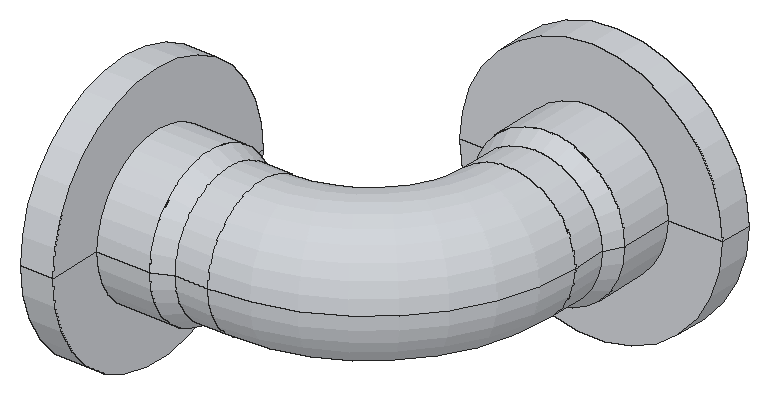
Revit family "4af722586b09496fa177feaacb61b95a", category Pipe Fittings, Revit 2021
Family settings
  Round Connector Dimension = Use Radius
  Part Type = Elbow
  OmniClass Number = 23.60.30.11.14
  OmniClass Title = Pipework Fittings
  Seek Item ID = Elbow - Threaded - MI - Class 300-0000-USA-ENU
  Work Plane-Based = No
  Always vertical = Yes
  Cut with Voids When Loaded = No
  Shared = No
Parameters (values of type "Standard")
  Tick Size [instance] = Fitting Outside Diameter * 0.4  # 1.5840"
  Socket Outside Radius [instance] = Socket Outside Diameter / 2  # 2.2400"
  Socket Outside Diameter [instance] = size_lookup(Lookup Table Name, "SOD", 1.08 * Nominal Diameter + 1.1200", Nominal Diameter)  # 4.4800"
  Socket Depth [instance] = if(Nominal Diameter < 14.0000", 2.5000", if(Nominal Diameter < 30.0000", 3.5000", 4.0000"))  # 2.5000"
  Lookup Table Name = "Bend - MJ - DI - Class 350"
  Length 5 [instance] = Length 4 + Bevel Length + Socket Depth  # 4.0000"
  Length 4 [instance] = Center to Socket Bottom - Bevel Length - Length 1  # 0.9800"
  Length 3 [instance] = sin(Angle) * (Center to Socket Bottom + Socket Depth)  # 8.0000"
  Length 2 [instance] = cos(Angle) * (Center to Socket Bottom + Socket Depth)  # 0.0000"
  Length 1 [instance] = tan(Angle / 2) * Center Radius  # 4.0000"
  Fitting Outside Radius [instance] = Fitting Outside Diameter / 2  # 1.9800"
  Fitting Outside Diameter [instance] = size_lookup(Lookup Table Name, "FOD", 1.04 * Nominal Diameter + 0.7000", Nominal Diameter)  # 3.9600"
  Nominal Radius [instance] = 1.5000"
  Nominal Diameter [instance] = Nominal Radius * 2  # 3.0000"
  Loss Method = K Coefficient from Table
  K Coefficient Table = "Long Radius Elbow"
  Default Elevation = 0.0000"
  Bevel Length [instance] = size_lookup(Lookup Table Name, "BvLgt", 0.04 * Nominal Diameter + 0.4300", Nominal Diameter)  # 0.5200"
  Center to Socket Bottom [instance] = size_lookup(Lookup Table Name, "CtSB", Center to Socket Bottom Not Found, Nominal Diameter, Angle 1)  # 5.5000"
  Center to Socket Bottom Not Found [instance] = if(Nominal Diameter > 24.0000", tan(Angle / 2) * Center Radius + Bevel Length + 6.0000", tan(Angle / 2) * Center Radius + Bevel Length + 1.0000")  # 5.5200"
  Center Radius [instance] = size_lookup(Lookup Table Name, "CRad", 0.69 * Nominal Diameter + 1.8100", Nominal Diameter, Angle 1)  # 4.0000"
  Gland Width [instance] = size_lookup(Lookup Table Name, "GWid", 0.03 * Nominal Diameter + 0.9400", Nominal Diameter)  # 0.9400"
  Gland Outside Radius [instance] = Gland Outside Diameter / 2  # 3.8450"
  Gland Outside Diameter [instance] = size_lookup(Lookup Table Name, "GOD", 1.16 * Nominal Diameter + 4.0300", Nominal Diameter)  # 7.6900"
  Assembly Code = ""
  Angle 1 [instance] = if(or(Angle < 11.25°, Angle = 11.25°), 11.25°, if(or(Angle < 22.50°, Angle = 22.50°), 22.50°, if(or(Angle < 55.00°, Angle = 45.00°), 45.00°, Angle)))  # 90.00°
  Angle [instance] = 90.00°
Reference planes (in)
  plane 1 "Center (Front/Back)": y = 0
  plane 2: z = 0
  plane 3 "Center (Left/Right)": x = 0
  plane 4: x = -4
  plane 5: x = -4.98
  plane 6: y = 4
  plane 7: y = 1.584
  plane 8: y = -1.584
  plane 9: x = 0
  plane 10: y = 8
  plane 11: x = -8
  plane 12: x = -7.06
  plane 13: y = 3.845
  plane 14: y = 2.24
  plane 15: y = 1.98
  plane 16: x = -5.5
Forms (in)
  Sweep 1, solid, detail levels fine
    path in 3D
      loop
        arc (-4, 0, 0) -> (-1.17157, 1.17157, 0) -> (0, 4, 0) r 4
    profile origin (-1.17157, 1.17157, 0) x (-0.707107, 0.707107, 0) y (0, 0, 1)
      loop
        circle (0, 0) r 1.98
  Revolve 2, solid, detail levels fine
    sketch origin (0, 8, 0) x (0, -1, 0) y (1, 0, 0)
      loop
        line (0, 0) -> (0, -3.845) -> (0.94, -3.845) -> (0.94, -2.24) -> (2.5, -2.24) -> (3.02, -1.98) -> (4, -1.98) -> (4, 0) -> (0, 0)
      axis (0, 0) -> (4, 0)
    angle from 0 to 360
  Revolve 3, solid, detail levels fine
    sketch origin (0, 0, 0) x (1, 0, 0) y (0, 1, 0)
      loop
        line (-8, 0) -> (-4, 0) -> (-4, 1.98) -> (-4.98, 1.98) -> (-5.5, 2.24) -> (-7.06, 2.24) -> (-7.06, 3.845) -> (-8, 3.845) -> (-8, 0)
      axis (-8, 0) -> (-4, 0)
    angle from 0 to 360
Cuts and joins
  joined: Sweep 1, Revolve 2, Revolve 3
Lines and regions (in)
  model lines, style "PipeFitting", detail levels coarse+medium
    curve 1: line (-8, 0, 0) -> (-4, 0, 0)
    curve 2: arc (-4, 0, 0) -> (-1.17157, 1.17157, 0) -> (0, 4, 0) r 4
    curve 3: line (0, 4, 0) -> (0, 8, 0)
  sketch lines
    curve 4: arc (-4, 0, 0) -> (-1.17157, 1.17157, 0) -> (0, 4, 0) r 4
  model lines, detail levels coarse+medium
    curve 5: line (-8, 0, 0) -> (-8, 1.584, 0)
    curve 6: line (-8, 0, 0) -> (-8, -1.584, 0)
    curve 7: line (0, 8, 0) -> (-1.584, 8, 0)
    curve 8: line (0, 8, 0) -> (1.584, 8, 0)
  reference lines, not visible
    curve 9: line (0, 8, 0) -> (0, 0.68528, 0)
Dimensions and locks (in)
  "Center Radius": plane 6 to plane 1 "Center (Front/Back)"
  "Tick Size": plane 7 to plane 1 "Center (Front/Back)"
  "Tick Size": plane 8 to plane 1 "Center (Front/Back)"
  "Tick Size": curve 7 to curve 7
  "Tick Size": curve 8 to curve 8
  "Socket Outside Radius": Revolve 2 sketch curve to Revolve 2 sketch curve
  "Gland Width": Revolve 2 sketch curve to Revolve 2 sketch curve
  "Fitting Outside Radius": Revolve 2 sketch curve to Revolve 2 sketch curve
  "Gland Outside Radius": Revolve 2 sketch curve to Revolve 2 sketch curve
  "Socket Depth": Revolve 2 sketch curve to Revolve 2 sketch curve
  "Length 1": plane 4 to plane 3 "Center (Left/Right)"
  "Length 3": plane 10 to plane 1 "Center (Front/Back)"
  "Gland Width": plane 11 to plane 12
  "Fitting Outside Radius": plane 15 to plane 1 "Center (Front/Back)"
  "Socket Outside Radius": plane 14 to plane 1 "Center (Front/Back)"
  "Gland Outside Radius": plane 13 to plane 1 "Center (Front/Back)"
  "Bevel Length": plane 16 to plane 5
  "Socket Depth": plane 11 to plane 16
  "Center to Socket Bottom": plane 16 to plane 3 "Center (Left/Right)"
  "Length 2": plane 3 "Center (Left/Right)" to plane 9
  "Length 5": Revolve 2 sketch curve to Revolve 2 sketch curve
  "Length 4": Revolve 2 sketch curve to Revolve 2 sketch curve
  "Center Radius": radius of curve 2
  "Fitting Outside Radius": radius of Sweep 1 sketch curve
  "Angle": angle curve 2 to curve 2
  "Angle": angle plane 1 "Center (Front/Back)" to curve 3
  locked: curve 8 to curve 3 (angle 90.00°)
  locked: curve 3 to curve 7 (angle 90.00°)
  "Angle": angle plane 10 to curve 9
  aligned and locked: plane 4 to curve 2
  aligned and locked: plane 7 to curve 5
  aligned and locked: plane 1 "Center (Front/Back)" to curve 6
  aligned and locked: plane 8 to curve 6
  aligned and locked: plane 9 to curve 9
  aligned and locked: plane 10 to curve 9
  aligned and locked: Revolve 2 sketch curve to curve 9
  aligned and locked: curve 6 to plane 11
  aligned and locked: plane 13 to Revolve 3 sketch curve
  aligned and locked: plane 11 to Revolve 3 sketch curve
  aligned and locked: Revolve 3 sketch curve to plane 12
  aligned and locked: plane 14 to Revolve 3 sketch curve
  aligned and locked: Revolve 3 sketch curve to plane 4
  aligned and locked: plane 16 to Revolve 3 sketch curve
  aligned and locked: plane 5 to Revolve 3 sketch curve
  aligned and locked: Revolve 3 sketch curve to plane 15
Automatic sketch dimensions
  Sweep 1 sketch curve to profile plane = 0.0000"  (x2)
  curve 3 to plane 10 = 0.0000"
  plane 1 "Center (Front/Back)" to Revolve 3 sketch curve = 0.0000"  (x2)
  Revolve 3 sketch curve to plane 4 = 0.0000"
  Revolve 3 sketch curve to plane 11 = 0.7500"
  Revolve 2 sketch curve to curve 9 = 0.0000"  (x2)
  Revolve 2 sketch curve to Revolve 2 sketch curve = 1.0000"
  Revolve 2 sketch curve to Revolve 2 sketch curve = 0.78127"
Connectors (in)
  piping at (-8, 0, 0), diameter 3, driven by "Angle", driven by "Nominal Radius"
    settings: on Revolve 3, index 1, connector inside diameter 3.0000", connector length 0.0000", flow factor 0, pipe flow 0 GPM, pressure drop 0.00 psi, fitting loss kfactor 0, connector angle 90.00°, fixture units 0, engagement length 0.0000", angle of deflection 0.00°, flow configuration 0, flow direction 0, fitting loss method 0, system type 28, joint type 0, gender type 0, connector reference index 2, connector utility 0, adjustable connector no, is connector primary yes, connector description ""
  piping at (0, 8, 0), diameter 3, driven by "Angle", driven by "Nominal Radius"
    settings: on Revolve 2, index 2, connector inside diameter 3.0000", connector length 0.0000", flow factor 0, pipe flow 0 GPM, pressure drop 0.00 psi, fitting loss kfactor 0, connector angle 90.00°, fixture units 0, engagement length 0.0000", angle of deflection 0.00°, flow configuration 0, flow direction 0, fitting loss method 0, system type 28, joint type 0, gender type 0, connector reference index 1, connector utility 0, adjustable connector no, is connector primary no, connector description ""
